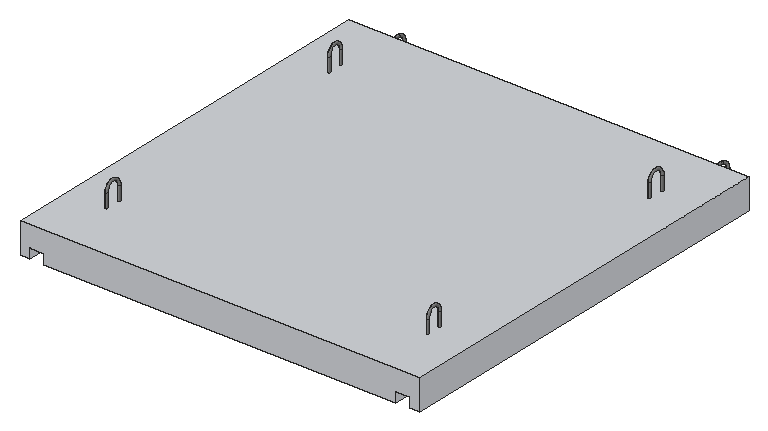
Revit family "110201-00009 Блок стеновой ж.б СБ-4", category Обобщенные модели, Revit 2019
Family settings
  Может служить основой для арматурных стержней = Нет
  Размер круглого соединителя = Использовать диаметр
  Тип детали = Нормальный
  На основе рабочей плоскости = Нет
  Всегда вертикально = Да
  При загрузке вырезать с полостями = Нет
  Общий = Нет
  Точка расчета площади = Нет
Parameters (values of type "Блок стеновой ж/б СБ-4")
  ADSK_Ширина блока = "160"
  ADSK_Ссылка на сайт = "https://www.ssd.ru/blok-stenovoy-zh-b-sb-4"
  ADSK_Сертификат соответствия = "https://www.ssd.ru/upload/iblock/ec0/sert_b25_0221.pdf"
  ADSK_Наименование = "Блок стеновой ж/б СБ-4"
  ADSK_Масса = "1480"
  ADSK_Марка бетона = "В25"
  ADSK_Марка = "СБ-4"
  ADSK_Код изделия = "110201-00009"
  ADSK_Изготовитель = "АО СВЯЗЬСТРОЙДЕТАЛЬ"
  ADSK_Длина [instance] = 2100 mm
  ADSK_Высота [instance] = 2160 mm
Reference planes
  plane 1 "По центру (Вперед/Назад)": y = 0
  plane 2: z = 0
  plane 3 "По центру (Влево/Вправо)": x = 0
  plane 4: x = -1050
  plane 5: x = 1050
  plane 6: y = 1080
  plane 7: y = -1080
  plane 8: y = 665
  plane 9: y = -665
  plane 10: x = -650
  plane 11: x = 650
  plane 12: x = -400
  plane 13: x = 400
  plane 14: y = -550
Forms (mm)
  Extrusion 1, solid
    sketch origin (0, 0, 0) x (1, 0, 0) y (0, 0, 1)
      loop
        line (1050, -1.013) -> (1050, 158.987) -> (-1050, 158.987) -> (-1050, -1.013) -> (1050, -1.013)
    from -1080 to 1080
  Extrusion 2, void, detail levels medium+fine
    sketch origin (-250, 0, 0) x (1, 0, 0) y (0, 1, 0)
      loop
        line (-400, -665) -> (900, -665) -> (900, 665) -> (-400, 665) -> (-400, -665)
    from -29.606 to 70
  Extrusion 3, void, detail levels medium+fine
    sketch origin (0, 0, -108.983) x (0, 1, 0) y (-1, 0, 0)
      loop
        line (1080, -997.737) -> (1080, -926.221) -> (-1080, -926.221) -> (-1080, -997.737) -> (1080, -997.737)
    from 107.97 to 158.987
  Extrusion 4, void, detail levels medium+fine
    sketch origin (0, 0, -2.026) x (0, -1, 0) y (1, 0, 0)
      loop
        line (-1080, -997.737) -> (1080, -997.737) -> (1080, -926.221) -> (-1080, -926.221) -> (-1080, -997.737)
    from 1.013 to 52.026
  Sweep 5, solid, material "Новый материал (по умолчанию)", detail levels fine
    path origin (-849.253, 955.929, -420.061) x (0.023631, -0.999721, 0) y (0, 0, -1)
      loop
        line (265.993, -579.048) -> (265.993, -654.048)
        arc (265.993, -654.048) -> (225.993, -694.048) -> (185.993, -654.048) r 40
        line (185.993, -654.048) -> (185.993, -579.048)
    profile origin (-842.968, 690.011, 196.487) x (0.023631, -0.999721, 0) y (0.999721, 0.023631, 0)
      loop
        circle (0, 0) r 6
  Sweep 6, solid, material "Новый материал (по умолчанию)", detail levels fine
    path origin (-849.253, -955.929, -420.061) x (0.023631, 0.999721, 0) y (0, 0, 1)
      loop
        line (265.993, 579.048) -> (265.993, 654.048)
        arc (265.993, 654.048) -> (225.993, 694.048) -> (185.993, 654.048) r 40
        line (185.993, 654.048) -> (185.993, 579.048)
    profile origin (-842.968, -690.011, 196.487) x (-0.023631, -0.999721, 0) y (0.999721, -0.023631, 0)
      loop
        circle (0, 0) r 6
  Sweep 7, solid, material "Новый материал (по умолчанию)", detail levels fine
    path origin (849.253, -955.929, -420.061) x (-0.023631, 0.999721, 0) y (0, 0, -1)
      loop
        line (265.993, -579.048) -> (265.993, -654.048)
        arc (265.993, -654.048) -> (225.993, -694.048) -> (185.993, -654.048) r 40
        line (185.993, -654.048) -> (185.993, -579.048)
    profile origin (842.968, -690.011, 196.487) x (-0.023631, 0.999721, 0) y (-0.999721, -0.023631, 0)
      loop
        circle (0, 0) r 6
  Sweep 8, solid, material "Новый материал (по умолчанию)", detail levels fine
    path origin (849.253, 955.929, -420.061) x (-0.023631, -0.999721, 0) y (0, 0, 1)
      loop
        line (265.993, 579.048) -> (265.993, 654.048)
        arc (265.993, 654.048) -> (225.993, 694.048) -> (185.993, 654.048) r 40
        line (185.993, 654.048) -> (185.993, 579.048)
    profile origin (842.968, 690.011, 196.487) x (0.023631, 0.999721, 0) y (-0.999721, 0.023631, 0)
      loop
        circle (0, 0) r 6
  Sweep 9, solid, material "Новый материал (по умолчанию)", detail levels fine
    path origin (-856.428, 500.952, -146.026) x (0.023631, 0, 0.999721) y (0, -1, 0)
      loop
        line (265.993, -579.048) -> (265.993, -654.048)
        arc (265.993, -654.048) -> (225.993, -694.048) -> (185.993, -654.048) r 40
        line (185.993, -654.048) -> (185.993, -579.048)
    profile origin (-850.142, 1117.5, 119.892) x (0.023631, 0, 0.999721) y (0.999721, 0, -0.023631)
      loop
        circle (0, 0) r 6
  Sweep 10, solid, material "Новый материал (по умолчанию)", detail levels fine
    path origin (856.428, 500.952, -146.026) x (-0.023631, 0, 0.999721) y (0, 1, 0)
      loop
        line (265.993, 579.048) -> (265.993, 654.048)
        arc (265.993, 654.048) -> (225.993, 694.048) -> (185.993, 654.048) r 40
        line (185.993, 654.048) -> (185.993, 579.048)
    profile origin (850.142, 1117.5, 119.892) x (0.023631, 0, -0.999721) y (-0.999721, 0, -0.023631)
      loop
        circle (0, 0) r 6
Cuts and joins
  Extrusion 2, Extrusion 3, Extrusion 4 cuts Extrusion 1
Dimensions and locks
  "ADSK_Длина": plane 4 to plane 5
  equal spacing: plane 4, plane 3 "По центру (Влево/Вправо)", plane 5
  "ADSK_Высота": plane 6 to plane 7
  equal spacing: plane 6, plane 1 "По центру (Вперед/Назад)", plane 7
  cut or joined group of Extrusion 1, Extrusion 2, Extrusion 3, Extrusion 4 to cut or joined group of Extrusion 1, Extrusion 2, Extrusion 3, Extrusion 4 = 160 mm
  aligned and locked: level to plane 2
  aligned and locked: plane 8 to Extrusion 2
  aligned and locked: plane 9 to Extrusion 2
  aligned and locked: Extrusion 2 to plane 10
  aligned and locked: Extrusion 2 to plane 11
Automatic sketch dimensions
  Extrusion 1 sketch curve to plane 4 = 0 mm
  Extrusion 1 sketch curve to plane 5 = 0 mm
  Extrusion 1 sketch curve to level = 1.013 mm
  level to Extrusion 1 sketch curve = 158.987 mm
  Extrusion 2 sketch curve to plane 8 = 0 mm
  Extrusion 2 sketch curve to plane 10 = 0 mm
  Extrusion 2 sketch curve to plane 11 = 0 mm
  plane 9 to Extrusion 2 sketch curve = 0 mm
  Extrusion 3 sketch curve to plane 7 = 0 mm
  Extrusion 3 sketch curve to plane 6 = 0 mm
  Extrusion 3 sketch curve to plane 5 = 52.263 mm
  Extrusion 3 sketch curve to Extrusion 3 sketch curve = 71.516 mm
  Extrusion 4 sketch curve to plane 6 = 0 mm
  Extrusion 4 sketch curve to plane 7 = 0 mm
  plane 4 to Extrusion 4 sketch curve = 52.263 mm
  Extrusion 4 sketch curve to Extrusion 4 sketch curve = 71.516 mm
  level to Sweep 5 sketch curve = 233.987 mm
  Sweep 5 sketch curve to Sweep 5 sketch curve = 40 mm
  Sweep 5 sketch curve to Sweep 5 sketch curve = 75 mm  (x2)
  Sweep 5 sketch curve to profile plane = 0 mm  (x2)
  level to Sweep 6 sketch curve = 233.987 mm
  Sweep 6 sketch curve to Sweep 6 sketch curve = 40 mm
  Sweep 6 sketch curve to Sweep 6 sketch curve = 75 mm  (x2)
  Sweep 6 sketch curve to profile plane = 0 mm
  profile plane to Sweep 6 sketch curve = 0 mm
  level to Sweep 7 sketch curve = 233.987 mm
  Sweep 7 sketch curve to Sweep 7 sketch curve = 40 mm
  Sweep 7 sketch curve to Sweep 7 sketch curve = 75 mm  (x2)
  profile plane to Sweep 7 sketch curve = 0 mm  (x2)
  level to Sweep 8 sketch curve = 233.987 mm
  Sweep 8 sketch curve to Sweep 8 sketch curve = 40 mm
  Sweep 8 sketch curve to Sweep 8 sketch curve = 75 mm  (x2)
  profile plane to Sweep 8 sketch curve = 0 mm
  Sweep 8 sketch curve to profile plane = 0 mm
  plane 6 to Sweep 9 sketch curve = 0 mm  (x2)
  plane 6 to Sweep 9 sketch curve = 75 mm
  Sweep 9 sketch curve to Sweep 9 sketch curve = 40 mm
  profile plane to Sweep 9 sketch curve = 0 mm
  Sweep 9 sketch curve to profile plane = 0 mm
  plane 6 to Sweep 10 sketch curve = 0 mm  (x2)
  plane 6 to Sweep 10 sketch curve = 75 mm
  Sweep 10 sketch curve to Sweep 10 sketch curve = 40 mm
  profile plane to Sweep 10 sketch curve = 0 mm  (x2)
  radius of Sweep 5 sketch curve = 6 mm
  radius of Sweep 6 sketch curve = 6 mm
  radius of Sweep 7 sketch curve = 6 mm
  radius of Sweep 8 sketch curve = 6 mm
  radius of Sweep 9 sketch curve = 6 mm
  radius of Sweep 10 sketch curve = 6 mm
